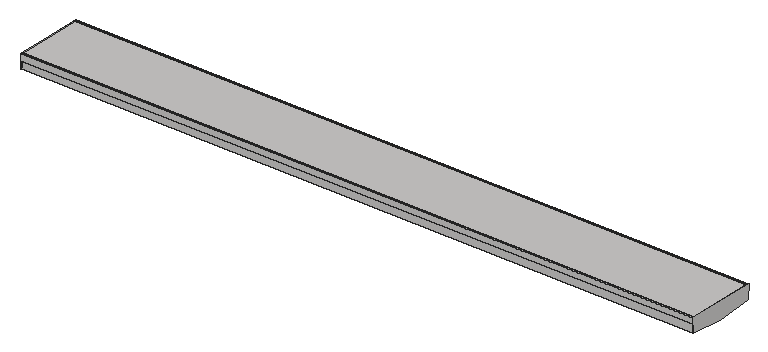
Revit family "PF_ST_BalconyDrain_ACO", category Plumbing Fixtures, Revit 2016
Family settings
  Part Type = Normal
  Round Connector Dimension = Use Diameter
  OmniClass Number = 23.70.50.24
  OmniClass Title = Rainwater Removal
  Work Plane-Based = Yes
  Always vertical = Yes
  Cut with Voids When Loaded = Yes
  Shared = No
  Room Calculation Point = No
Parameters (values of type "BalconyDrain - 103 x 25 mm")
  width_01_C_ANZRS = if(type_index = 1, 85 mm, 103 mm)  # 103 mm
  r1 [instance] = diameter_calculated / 2  # 44.45 mm
  outlet_number [instance] = 2
  min_end_dist [instance] = length_01_C_ANZRS - diameter_calculated  # 911.1 mm
  width_C_ANZRS = if(type_index = 1, 85 mm, 103 mm)  # 103 mm
  type_index = 2
  grating_length [instance] = channel_length - 1.5 mm  # 998.5 mm
  drain_position_calculated_9 [instance] = if(or(outlet_number = 9, outlet_number > 9), (if(or(drain_position_9 < 0 mm, drain_position_9 = 0 mm), (drain_position_calculated_8 + (1.5 * diameter_calculated)), if(and(drain_position_9 > 0 mm, drain_position_9 < (drain_position_calculated_8 + (1.5 * diameter_calculated)) + 0.1 mm), (drain_position_calculated_8 + (1.5 * diameter_calculated)), if(and(drain_position_9 > (drain_position_calculated_8 + (1.5 * diameter_calculated)), drain_position_9 < min_end_dist + 0.1 mm), drain_position_9, if(and(drain_position_9 > (drain_position_calculated_8 + (1.5 * diameter_calculated)), drain_position_9 < length_01_C_ANZRS), min_end_dist, (if(or(drain_position_9 > length_01_C_ANZRS, drain_position_9 = length_01_C_ANZRS), min_end_dist, drain_position_9 - diameter_calculated))))))), length_01_C_ANZRS + 100 mm)  # 1100 mm
  drain_position_calculated_8 [instance] = if(or(outlet_number = 8, outlet_number > 8), (if(or(drain_position_8 < 0 mm, drain_position_8 = 0 mm), (drain_position_calculated_7 + (1.5 * diameter_calculated)), if(and(drain_position_8 > 0 mm, drain_position_8 < (drain_position_calculated_7 + (1.5 * diameter_calculated)) + 0.1 mm), (drain_position_calculated_7 + (1.5 * diameter_calculated)), if(and(drain_position_8 > (drain_position_calculated_7 + (1.5 * diameter_calculated)), drain_position_8 < min_end_dist + 0.1 mm), drain_position_8, if(and(drain_position_8 > (drain_position_calculated_7 + (1.5 * diameter_calculated)), drain_position_8 < length_01_C_ANZRS), min_end_dist, (if(or(drain_position_8 > length_01_C_ANZRS, drain_position_8 = length_01_C_ANZRS), min_end_dist, drain_position_8 - diameter_calculated))))))), length_01_C_ANZRS + 100 mm)  # 1100 mm
  drain_position_calculated_7 [instance] = if(or(outlet_number = 7, outlet_number > 7), (if(or(drain_position_7 < 0 mm, drain_position_7 = 0 mm), (drain_position_calculated_6 + (1.5 * diameter_calculated)), if(and(drain_position_7 > 0 mm, drain_position_7 < (drain_position_calculated_6 + (1.5 * diameter_calculated)) + 0.1 mm), (drain_position_calculated_6 + (1.5 * diameter_calculated)), if(and(drain_position_7 > (drain_position_calculated_6 + (1.5 * diameter_calculated)), drain_position_7 < min_end_dist + 0.1 mm), drain_position_7, if(and(drain_position_7 > (drain_position_calculated_6 + (1.5 * diameter_calculated)), drain_position_7 < length_01_C_ANZRS), min_end_dist, (if(or(drain_position_7 > length_01_C_ANZRS, drain_position_7 = length_01_C_ANZRS), min_end_dist, drain_position_7 - diameter_calculated))))))), length_01_C_ANZRS + 100 mm)  # 1100 mm
  drain_position_calculated_6 [instance] = if(or(outlet_number = 6, outlet_number > 6), (if(or(drain_position_6 < 0 mm, drain_position_6 = 0 mm), (drain_position_calculated_5 + (1.5 * diameter_calculated)), if(and(drain_position_6 > 0 mm, drain_position_6 < (drain_position_calculated_5 + (1.5 * diameter_calculated)) + 0.1 mm), (drain_position_calculated_5 + (1.5 * diameter_calculated)), if(and(drain_position_6 > (drain_position_calculated_5 + (1.5 * diameter_calculated)), drain_position_6 < min_end_dist + 0.1 mm), drain_position_6, if(and(drain_position_6 > (drain_position_calculated_5 + (1.5 * diameter_calculated)), drain_position_6 < length_01_C_ANZRS), min_end_dist, (if(or(drain_position_6 > length_01_C_ANZRS, drain_position_6 = length_01_C_ANZRS), min_end_dist, drain_position_6 - diameter_calculated))))))), length_01_C_ANZRS + 100 mm)  # 1100 mm
  drain_position_calculated_5 [instance] = if(or(outlet_number = 5, outlet_number > 5), (if(or(drain_position_5 < 0 mm, drain_position_5 = 0 mm), (drain_position_calculated_4 + (1.5 * diameter_calculated)), if(and(drain_position_5 > 0 mm, drain_position_5 < (drain_position_calculated_4 + (1.5 * diameter_calculated)) + 0.1 mm), (drain_position_calculated_4 + (1.5 * diameter_calculated)), if(and(drain_position_5 > (drain_position_calculated_4 + (1.5 * diameter_calculated)), drain_position_5 < min_end_dist + 0.1 mm), drain_position_5, if(and(drain_position_5 > (drain_position_calculated_4 + (1.5 * diameter_calculated)), drain_position_5 < length_01_C_ANZRS), min_end_dist, (if(or(drain_position_5 > length_01_C_ANZRS, drain_position_5 = length_01_C_ANZRS), min_end_dist, drain_position_5 - diameter_calculated))))))), length_01_C_ANZRS + 100 mm)  # 1100 mm
  drain_position_calculated_4 [instance] = if(or(outlet_number = 4, outlet_number > 4), (if(or(drain_position_4 < 0 mm, drain_position_4 = 0 mm), (drain_position_calculated_3 + (1.5 * diameter_calculated)), if(and(drain_position_4 > 0 mm, drain_position_4 < (drain_position_calculated_3 + (1.5 * diameter_calculated)) + 0.1 mm), (drain_position_calculated_3 + (1.5 * diameter_calculated)), if(and(drain_position_4 > (drain_position_calculated_3 + (1.5 * diameter_calculated)), drain_position_4 < min_end_dist + 0.1 mm), drain_position_4, if(and(drain_position_4 > (drain_position_calculated_3 + (1.5 * diameter_calculated)), drain_position_4 < length_01_C_ANZRS), min_end_dist, (if(or(drain_position_4 > length_01_C_ANZRS, drain_position_4 = length_01_C_ANZRS), min_end_dist, drain_position_4 - diameter_calculated))))))), length_01_C_ANZRS + 100 mm)  # 1100 mm
  drain_position_calculated_30 [instance] = if(or(outlet_number = 30, outlet_number > 30), (if(or(drain_position_30 < 0 mm, drain_position_30 = 0 mm), (drain_position_calculated_29 + (1.5 * diameter_calculated)), if(and(drain_position_30 > 0 mm, drain_position_30 < (drain_position_calculated_29 + (1.5 * diameter_calculated)) + 0.1 mm), (drain_position_calculated_29 + (1.5 * diameter_calculated)), if(and(drain_position_30 > (drain_position_calculated_29 + (1.5 * diameter_calculated)), drain_position_30 < min_end_dist + 0.1 mm), drain_position_30, if(and(drain_position_30 > (drain_position_calculated_29 + (1.5 * diameter_calculated)), drain_position_30 < length_01_C_ANZRS), min_end_dist, (if(or(drain_position_30 > length_01_C_ANZRS, drain_position_30 = length_01_C_ANZRS), min_end_dist, drain_position_30 - diameter_calculated))))))), length_01_C_ANZRS + 100 mm)  # 1100 mm
  drain_position_calculated_3 [instance] = if(or(outlet_number = 3, outlet_number > 3), (if(or(drain_position_3 < 0 mm, drain_position_3 = 0 mm), (drain_position_calculated_2 + (1.5 * diameter_calculated)), if(and(drain_position_3 > 0 mm, drain_position_3 < (drain_position_calculated_2 + (1.5 * diameter_calculated)) + 0.1 mm), (drain_position_calculated_2 + (1.5 * diameter_calculated)), if(and(drain_position_3 > (drain_position_calculated_2 + (1.5 * diameter_calculated)), drain_position_3 < min_end_dist + 0.1 mm), drain_position_3, if(and(drain_position_3 > (drain_position_calculated_2 + (1.5 * diameter_calculated)), drain_position_3 < length_01_C_ANZRS), min_end_dist, (if(or(drain_position_3 > length_01_C_ANZRS, drain_position_3 = length_01_C_ANZRS), min_end_dist, drain_position_3 - diameter_calculated))))))), length_01_C_ANZRS + 100 mm)  # 1100 mm
  drain_position_calculated_29 [instance] = if(or(outlet_number = 29, outlet_number > 29), (if(or(drain_position_29 < 0 mm, drain_position_29 = 0 mm), (drain_position_calculated_28 + (1.5 * diameter_calculated)), if(and(drain_position_29 > 0 mm, drain_position_29 < (drain_position_calculated_28 + (1.5 * diameter_calculated)) + 0.1 mm), (drain_position_calculated_28 + (1.5 * diameter_calculated)), if(and(drain_position_29 > (drain_position_calculated_28 + (1.5 * diameter_calculated)), drain_position_29 < min_end_dist + 0.1 mm), drain_position_29, if(and(drain_position_29 > (drain_position_calculated_28 + (1.5 * diameter_calculated)), drain_position_29 < length_01_C_ANZRS), min_end_dist, (if(or(drain_position_29 > length_01_C_ANZRS, drain_position_29 = length_01_C_ANZRS), min_end_dist, drain_position_29 - diameter_calculated))))))), length_01_C_ANZRS + 100 mm)  # 1100 mm
  drain_position_calculated_28 [instance] = if(or(outlet_number = 28, outlet_number > 28), (if(or(drain_position_28 < 0 mm, drain_position_28 = 0 mm), (drain_position_calculated_27 + (1.5 * diameter_calculated)), if(and(drain_position_28 > 0 mm, drain_position_28 < (drain_position_calculated_27 + (1.5 * diameter_calculated)) + 0.1 mm), (drain_position_calculated_27 + (1.5 * diameter_calculated)), if(and(drain_position_28 > (drain_position_calculated_27 + (1.5 * diameter_calculated)), drain_position_28 < min_end_dist + 0.1 mm), drain_position_28, if(and(drain_position_28 > (drain_position_calculated_27 + (1.5 * diameter_calculated)), drain_position_28 < length_01_C_ANZRS), min_end_dist, (if(or(drain_position_28 > length_01_C_ANZRS, drain_position_28 = length_01_C_ANZRS), min_end_dist, drain_position_28 - diameter_calculated))))))), length_01_C_ANZRS + 100 mm)  # 1100 mm
  drain_position_calculated_27 [instance] = if(or(outlet_number = 27, outlet_number > 27), (if(or(drain_position_27 < 0 mm, drain_position_27 = 0 mm), (drain_position_calculated_26 + (1.5 * diameter_calculated)), if(and(drain_position_27 > 0 mm, drain_position_27 < (drain_position_calculated_26 + (1.5 * diameter_calculated)) + 0.1 mm), (drain_position_calculated_26 + (1.5 * diameter_calculated)), if(and(drain_position_27 > (drain_position_calculated_26 + (1.5 * diameter_calculated)), drain_position_27 < min_end_dist + 0.1 mm), drain_position_27, if(and(drain_position_27 > (drain_position_calculated_26 + (1.5 * diameter_calculated)), drain_position_27 < length_01_C_ANZRS), min_end_dist, (if(or(drain_position_27 > length_01_C_ANZRS, drain_position_27 = length_01_C_ANZRS), min_end_dist, drain_position_27 - diameter_calculated))))))), length_01_C_ANZRS + 100 mm)  # 1100 mm
  drain_position_calculated_26 [instance] = if(or(outlet_number = 26, outlet_number > 26), (if(or(drain_position_26 < 0 mm, drain_position_26 = 0 mm), (drain_position_calculated_25 + (1.5 * diameter_calculated)), if(and(drain_position_26 > 0 mm, drain_position_26 < (drain_position_calculated_25 + (1.5 * diameter_calculated)) + 0.1 mm), (drain_position_calculated_25 + (1.5 * diameter_calculated)), if(and(drain_position_26 > (drain_position_calculated_25 + (1.5 * diameter_calculated)), drain_position_26 < min_end_dist + 0.1 mm), drain_position_26, if(and(drain_position_26 > (drain_position_calculated_25 + (1.5 * diameter_calculated)), drain_position_26 < length_01_C_ANZRS), min_end_dist, (if(or(drain_position_26 > length_01_C_ANZRS, drain_position_26 = length_01_C_ANZRS), min_end_dist, drain_position_26 - diameter_calculated))))))), length_01_C_ANZRS + 100 mm)  # 1100 mm
  drain_position_calculated_25 [instance] = if(or(outlet_number = 25, outlet_number > 25), (if(or(drain_position_25 < 0 mm, drain_position_25 = 0 mm), (drain_position_calculated_24 + (1.5 * diameter_calculated)), if(and(drain_position_25 > 0 mm, drain_position_25 < (drain_position_calculated_24 + (1.5 * diameter_calculated)) + 0.1 mm), (drain_position_calculated_24 + (1.5 * diameter_calculated)), if(and(drain_position_25 > (drain_position_calculated_24 + (1.5 * diameter_calculated)), drain_position_25 < min_end_dist + 0.1 mm), drain_position_25, if(and(drain_position_25 > (drain_position_calculated_24 + (1.5 * diameter_calculated)), drain_position_25 < length_01_C_ANZRS), min_end_dist, (if(or(drain_position_25 > length_01_C_ANZRS, drain_position_25 = length_01_C_ANZRS), min_end_dist, drain_position_25 - diameter_calculated))))))), length_01_C_ANZRS + 100 mm)  # 1100 mm
  drain_position_calculated_24 [instance] = if(or(outlet_number = 24, outlet_number > 24), (if(or(drain_position_24 < 0 mm, drain_position_24 = 0 mm), (drain_position_calculated_23 + (1.5 * diameter_calculated)), if(and(drain_position_24 > 0 mm, drain_position_24 < (drain_position_calculated_23 + (1.5 * diameter_calculated)) + 0.1 mm), (drain_position_calculated_23 + (1.5 * diameter_calculated)), if(and(drain_position_24 > (drain_position_calculated_23 + (1.5 * diameter_calculated)), drain_position_24 < min_end_dist + 0.1 mm), drain_position_24, if(and(drain_position_24 > (drain_position_calculated_23 + (1.5 * diameter_calculated)), drain_position_24 < length_01_C_ANZRS), min_end_dist, (if(or(drain_position_24 > length_01_C_ANZRS, drain_position_24 = length_01_C_ANZRS), min_end_dist, drain_position_24 - diameter_calculated))))))), length_01_C_ANZRS + 100 mm)  # 1100 mm
  drain_position_calculated_23 [instance] = if(or(outlet_number = 23, outlet_number > 23), (if(or(drain_position_23 < 0 mm, drain_position_23 = 0 mm), (drain_position_calculated_22 + (1.5 * diameter_calculated)), if(and(drain_position_23 > 0 mm, drain_position_23 < (drain_position_calculated_22 + (1.5 * diameter_calculated)) + 0.1 mm), (drain_position_calculated_22 + (1.5 * diameter_calculated)), if(and(drain_position_23 > (drain_position_calculated_22 + (1.5 * diameter_calculated)), drain_position_23 < min_end_dist + 0.1 mm), drain_position_23, if(and(drain_position_23 > (drain_position_calculated_22 + (1.5 * diameter_calculated)), drain_position_23 < length_01_C_ANZRS), min_end_dist, (if(or(drain_position_23 > length_01_C_ANZRS, drain_position_23 = length_01_C_ANZRS), min_end_dist, drain_position_23 - diameter_calculated))))))), length_01_C_ANZRS + 100 mm)  # 1100 mm
  drain_position_calculated_22 [instance] = if(or(outlet_number = 22, outlet_number > 22), (if(or(drain_position_22 < 0 mm, drain_position_22 = 0 mm), (drain_position_calculated_21 + (1.5 * diameter_calculated)), if(and(drain_position_22 > 0 mm, drain_position_22 < (drain_position_calculated_21 + (1.5 * diameter_calculated)) + 0.1 mm), (drain_position_calculated_21 + (1.5 * diameter_calculated)), if(and(drain_position_22 > (drain_position_calculated_21 + (1.5 * diameter_calculated)), drain_position_22 < min_end_dist + 0.1 mm), drain_position_22, if(and(drain_position_22 > (drain_position_calculated_21 + (1.5 * diameter_calculated)), drain_position_22 < length_01_C_ANZRS), min_end_dist, (if(or(drain_position_22 > length_01_C_ANZRS, drain_position_22 = length_01_C_ANZRS), min_end_dist, drain_position_22 - diameter_calculated))))))), length_01_C_ANZRS + 100 mm)  # 1100 mm
  drain_position_calculated_21 [instance] = if(or(outlet_number = 21, outlet_number > 21), (if(or(drain_position_21 < 0 mm, drain_position_21 = 0 mm), (drain_position_calculated_20 + (1.5 * diameter_calculated)), if(and(drain_position_21 > 0 mm, drain_position_21 < (drain_position_calculated_20 + (1.5 * diameter_calculated)) + 0.1 mm), (drain_position_calculated_20 + (1.5 * diameter_calculated)), if(and(drain_position_21 > (drain_position_calculated_20 + (1.5 * diameter_calculated)), drain_position_21 < min_end_dist + 0.1 mm), drain_position_21, if(and(drain_position_21 > (drain_position_calculated_20 + (1.5 * diameter_calculated)), drain_position_21 < length_01_C_ANZRS), min_end_dist, (if(or(drain_position_21 > length_01_C_ANZRS, drain_position_21 = length_01_C_ANZRS), min_end_dist, drain_position_21 - diameter_calculated))))))), length_01_C_ANZRS + 100 mm)  # 1100 mm
  drain_position_calculated_20 [instance] = if(or(outlet_number = 20, outlet_number > 20), (if(or(drain_position_20 < 0 mm, drain_position_20 = 0 mm), (drain_position_calculated_19 + (1.5 * diameter_calculated)), if(and(drain_position_20 > 0 mm, drain_position_20 < (drain_position_calculated_19 + (1.5 * diameter_calculated)) + 0.1 mm), (drain_position_calculated_19 + (1.5 * diameter_calculated)), if(and(drain_position_20 > (drain_position_calculated_19 + (1.5 * diameter_calculated)), drain_position_20 < min_end_dist + 0.1 mm), drain_position_20, if(and(drain_position_20 > (drain_position_calculated_19 + (1.5 * diameter_calculated)), drain_position_20 < length_01_C_ANZRS), min_end_dist, (if(or(drain_position_20 > length_01_C_ANZRS, drain_position_20 = length_01_C_ANZRS), min_end_dist, drain_position_20 - diameter_calculated))))))), length_01_C_ANZRS + 100 mm)  # 1100 mm
  drain_position_calculated_2 [instance] = if(or(outlet_number = 2, outlet_number > 2), (if(or(drain_position_2 < 0 mm, drain_position_2 = 0 mm), (drain_position_calculated_1 + (1.5 * diameter_calculated)), if(and(drain_position_2 > 0 mm, drain_position_2 < (drain_position_calculated_1 + (1.5 * diameter_calculated)) + 0.1 mm), (drain_position_calculated_1 + (1.5 * diameter_calculated)), if(and(drain_position_2 > (drain_position_calculated_1 + (1.5 * diameter_calculated)), drain_position_2 < min_end_dist + 0.1 mm), drain_position_2, if(and(drain_position_2 > (drain_position_calculated_1 + (1.5 * diameter_calculated)), drain_position_2 < length_01_C_ANZRS), min_end_dist, (if(or(drain_position_2 > length_01_C_ANZRS, drain_position_2 = length_01_C_ANZRS), min_end_dist, drain_position_2 - diameter_calculated))))))), length_01_C_ANZRS + 100 mm)  # 900 mm
  drain_position_calculated_19 [instance] = if(or(outlet_number = 19, outlet_number > 19), (if(or(drain_position_19 < 0 mm, drain_position_19 = 0 mm), (drain_position_calculated_18 + (1.5 * diameter_calculated)), if(and(drain_position_19 > 0 mm, drain_position_19 < (drain_position_calculated_18 + (1.5 * diameter_calculated)) + 0.1 mm), (drain_position_calculated_18 + (1.5 * diameter_calculated)), if(and(drain_position_19 > (drain_position_calculated_18 + (1.5 * diameter_calculated)), drain_position_19 < min_end_dist + 0.1 mm), drain_position_19, if(and(drain_position_19 > (drain_position_calculated_18 + (1.5 * diameter_calculated)), drain_position_19 < length_01_C_ANZRS), min_end_dist, (if(or(drain_position_19 > length_01_C_ANZRS, drain_position_19 = length_01_C_ANZRS), min_end_dist, drain_position_19 - diameter_calculated))))))), length_01_C_ANZRS + 100 mm)  # 1100 mm
  drain_position_calculated_18 [instance] = if(or(outlet_number = 18, outlet_number > 18), (if(or(drain_position_18 < 0 mm, drain_position_18 = 0 mm), (drain_position_calculated_17 + (1.5 * diameter_calculated)), if(and(drain_position_18 > 0 mm, drain_position_18 < (drain_position_calculated_17 + (1.5 * diameter_calculated)) + 0.1 mm), (drain_position_calculated_17 + (1.5 * diameter_calculated)), if(and(drain_position_18 > (drain_position_calculated_17 + (1.5 * diameter_calculated)), drain_position_18 < min_end_dist + 0.1 mm), drain_position_18, if(and(drain_position_18 > (drain_position_calculated_17 + (1.5 * diameter_calculated)), drain_position_18 < length_01_C_ANZRS), min_end_dist, (if(or(drain_position_18 > length_01_C_ANZRS, drain_position_18 = length_01_C_ANZRS), min_end_dist, drain_position_18 - diameter_calculated))))))), length_01_C_ANZRS + 100 mm)  # 1100 mm
  drain_position_calculated_17 [instance] = if(or(outlet_number = 17, outlet_number > 17), (if(or(drain_position_17 < 0 mm, drain_position_17 = 0 mm), (drain_position_calculated_16 + (1.5 * diameter_calculated)), if(and(drain_position_17 > 0 mm, drain_position_17 < (drain_position_calculated_16 + (1.5 * diameter_calculated)) + 0.1 mm), (drain_position_calculated_16 + (1.5 * diameter_calculated)), if(and(drain_position_17 > (drain_position_calculated_16 + (1.5 * diameter_calculated)), drain_position_17 < min_end_dist + 0.1 mm), drain_position_17, if(and(drain_position_17 > (drain_position_calculated_16 + (1.5 * diameter_calculated)), drain_position_17 < length_01_C_ANZRS), min_end_dist, (if(or(drain_position_17 > length_01_C_ANZRS, drain_position_17 = length_01_C_ANZRS), min_end_dist, drain_position_17 - diameter_calculated))))))), length_01_C_ANZRS + 100 mm)  # 1100 mm
  drain_position_calculated_16 [instance] = if(or(outlet_number = 16, outlet_number > 16), (if(or(drain_position_16 < 0 mm, drain_position_16 = 0 mm), (drain_position_calculated_15 + (1.5 * diameter_calculated)), if(and(drain_position_16 > 0 mm, drain_position_16 < (drain_position_calculated_15 + (1.5 * diameter_calculated)) + 0.1 mm), (drain_position_calculated_15 + (1.5 * diameter_calculated)), if(and(drain_position_16 > (drain_position_calculated_15 + (1.5 * diameter_calculated)), drain_position_16 < min_end_dist + 0.1 mm), drain_position_16, if(and(drain_position_16 > (drain_position_calculated_15 + (1.5 * diameter_calculated)), drain_position_16 < length_01_C_ANZRS), min_end_dist, (if(or(drain_position_16 > length_01_C_ANZRS, drain_position_16 = length_01_C_ANZRS), min_end_dist, drain_position_16 - diameter_calculated))))))), length_01_C_ANZRS + 100 mm)  # 1100 mm
  drain_position_calculated_15 [instance] = if(or(outlet_number = 15, outlet_number > 15), (if(or(drain_position_15 < 0 mm, drain_position_15 = 0 mm), (drain_position_calculated_14 + (1.5 * diameter_calculated)), if(and(drain_position_15 > 0 mm, drain_position_15 < (drain_position_calculated_14 + (1.5 * diameter_calculated)) + 0.1 mm), (drain_position_calculated_14 + (1.5 * diameter_calculated)), if(and(drain_position_15 > (drain_position_calculated_14 + (1.5 * diameter_calculated)), drain_position_15 < min_end_dist + 0.1 mm), drain_position_15, if(and(drain_position_15 > (drain_position_calculated_14 + (1.5 * diameter_calculated)), drain_position_15 < length_01_C_ANZRS), min_end_dist, (if(or(drain_position_15 > length_01_C_ANZRS, drain_position_15 = length_01_C_ANZRS), min_end_dist, drain_position_15 - diameter_calculated))))))), length_01_C_ANZRS + 100 mm)  # 1100 mm
  drain_position_calculated_14 [instance] = if(or(outlet_number = 14, outlet_number > 14), (if(or(drain_position_14 < 0 mm, drain_position_14 = 0 mm), (drain_position_calculated_13 + (1.5 * diameter_calculated)), if(and(drain_position_14 > 0 mm, drain_position_14 < (drain_position_calculated_13 + (1.5 * diameter_calculated)) + 0.1 mm), (drain_position_calculated_13 + (1.5 * diameter_calculated)), if(and(drain_position_14 > (drain_position_calculated_13 + (1.5 * diameter_calculated)), drain_position_14 < min_end_dist + 0.1 mm), drain_position_14, if(and(drain_position_14 > (drain_position_calculated_13 + (1.5 * diameter_calculated)), drain_position_14 < length_01_C_ANZRS), min_end_dist, (if(or(drain_position_14 > length_01_C_ANZRS, drain_position_14 = length_01_C_ANZRS), min_end_dist, drain_position_14 - diameter_calculated))))))), length_01_C_ANZRS + 100 mm)  # 1100 mm
  drain_position_calculated_13 [instance] = if(or(outlet_number = 13, outlet_number > 13), (if(or(drain_position_13 < 0 mm, drain_position_13 = 0 mm), (drain_position_calculated_12 + (1.5 * diameter_calculated)), if(and(drain_position_13 > 0 mm, drain_position_13 < (drain_position_calculated_12 + (1.5 * diameter_calculated)) + 0.1 mm), (drain_position_calculated_12 + (1.5 * diameter_calculated)), if(and(drain_position_13 > (drain_position_calculated_12 + (1.5 * diameter_calculated)), drain_position_13 < min_end_dist + 0.1 mm), drain_position_13, if(and(drain_position_13 > (drain_position_calculated_12 + (1.5 * diameter_calculated)), drain_position_13 < length_01_C_ANZRS), min_end_dist, (if(or(drain_position_13 > length_01_C_ANZRS, drain_position_13 = length_01_C_ANZRS), min_end_dist, drain_position_13 - diameter_calculated))))))), length_01_C_ANZRS + 100 mm)  # 1100 mm
  drain_position_calculated_12 [instance] = if(or(outlet_number = 12, outlet_number > 12), (if(or(drain_position_12 < 0 mm, drain_position_12 = 0 mm), (drain_position_calculated_11 + (1.5 * diameter_calculated)), if(and(drain_position_12 > 0 mm, drain_position_12 < (drain_position_calculated_11 + (1.5 * diameter_calculated)) + 0.1 mm), (drain_position_calculated_11 + (1.5 * diameter_calculated)), if(and(drain_position_12 > (drain_position_calculated_11 + (1.5 * diameter_calculated)), drain_position_12 < min_end_dist + 0.1 mm), drain_position_12, if(and(drain_position_12 > (drain_position_calculated_11 + (1.5 * diameter_calculated)), drain_position_12 < length_01_C_ANZRS), min_end_dist, (if(or(drain_position_12 > length_01_C_ANZRS, drain_position_12 = length_01_C_ANZRS), min_end_dist, drain_position_12 - diameter_calculated))))))), length_01_C_ANZRS + 100 mm)  # 1100 mm
  drain_position_calculated_11 [instance] = if(or(outlet_number = 11, outlet_number > 11), (if(or(drain_position_11 < 0 mm, drain_position_11 = 0 mm), (drain_position_calculated_10 + (1.5 * diameter_calculated)), if(and(drain_position_11 > 0 mm, drain_position_11 < (drain_position_calculated_10 + (1.5 * diameter_calculated)) + 0.1 mm), (drain_position_calculated_10 + (1.5 * diameter_calculated)), if(and(drain_position_11 > (drain_position_calculated_10 + (1.5 * diameter_calculated)), drain_position_11 < min_end_dist + 0.1 mm), drain_position_11, if(and(drain_position_11 > (drain_position_calculated_10 + (1.5 * diameter_calculated)), drain_position_11 < length_01_C_ANZRS), min_end_dist, (if(or(drain_position_11 > length_01_C_ANZRS, drain_position_11 = length_01_C_ANZRS), min_end_dist, drain_position_11 - diameter_calculated))))))), length_01_C_ANZRS + 100 mm)  # 1100 mm
  drain_position_calculated_10 [instance] = if(or(outlet_number = 10, outlet_number > 10), (if(or(drain_position_10 < 0 mm, drain_position_10 = 0 mm), (drain_position_calculated_9 + (1.5 * diameter_calculated)), if(and(drain_position_10 > 0 mm, drain_position_10 < (drain_position_calculated_9 + (1.5 * diameter_calculated)) + 0.1 mm), (drain_position_calculated_9 + (1.5 * diameter_calculated)), if(and(drain_position_10 > (drain_position_calculated_9 + (1.5 * diameter_calculated)), drain_position_10 < min_end_dist + 0.1 mm), drain_position_10, if(and(drain_position_10 > (drain_position_calculated_9 + (1.5 * diameter_calculated)), drain_position_10 < length_01_C_ANZRS), min_end_dist, (if(or(drain_position_10 > length_01_C_ANZRS, drain_position_10 = length_01_C_ANZRS), min_end_dist, drain_position_10 - diameter_calculated))))))), length_01_C_ANZRS + 100 mm)  # 1100 mm
  drain_position_9 [instance] = 1400 mm
  drain_position_8 [instance] = 1200 mm
  drain_position_7 [instance] = 1000 mm
  drain_position_6 [instance] = 800 mm
  drain_position_5 [instance] = 600 mm
  drain_position_4 [instance] = 400 mm
  drain_position_30 [instance] = 5600 mm
  drain_position_3 [instance] = 1000 mm
  drain_position_29 [instance] = 5400 mm
  drain_position_28 [instance] = 5200 mm
  drain_position_27 [instance] = 5000 mm
  drain_position_26 [instance] = 4800 mm
  drain_position_25 [instance] = 4600 mm
  drain_position_24 [instance] = 4400 mm
  drain_position_23 [instance] = 4200 mm
  drain_position_22 [instance] = 4000 mm
  drain_position_21 [instance] = 3800 mm
  drain_position_20 [instance] = 3600 mm
  drain_position_2 [instance] = 900 mm
  drain_position_19 [instance] = 3400 mm
  drain_position_18 [instance] = 3200 mm
  drain_position_17 [instance] = 3000 mm
  drain_position_16 [instance] = 2800 mm
  drain_position_15 [instance] = 2600 mm
  drain_position_14 [instance] = 2400 mm
  drain_position_13 [instance] = 2200 mm
  drain_position_12 [instance] = 2000 mm
  drain_position_11 [instance] = 1800 mm
  drain_position_10 [instance] = 1600 mm
  description_C_ANZRS [instance] = if(product_index = 1, "ACO BalconyDrain-85mm wide, 25mm deep channel with Affiner grate (nominal)", if(product_index = 2, "ACO BalconyDrain-85mm wide, 25mm deep channel with Linéaire grate (nominal)", if(product_index = 3, "ACO BalconyDrain-85mm wide, 25mm deep channel with Tile grate (nominal)", if(product_index = 4, "ACO BalconyDrain-103mm wide, 25mm deep channel with Affiner grate (nominal)", if(product_index = 5, "ACO BalconyDrain-103mm wide, 25mm deep channel with Linéaire grate (nominal)", if(product_index = 6, "ACO BalconyDrain-103mm wide, 25mm deep channel with Tile grate (nominal)", if(product_index = 7, "ACO BalconyDrain-103mm wide, 40mm deep channel with Affiner grate (nominal)", if(product_index = 8, "ACO BalconyDrain-103mm wide, 40mm deep channel with Linéaire grate (nominal)", if(product_index = 9, "ACO BalconyDrain-103mm wide, 40mm deep channel with Tile grate (nominal)", if(product_index = 10, "ACO BalconyDrain-103mm wide, 40mm deep channel with 5 star grate (nominal)", "Not available"))))))))))  # "ACO BalconyDrain-103mm wide, 25mm deep channel with Linéaire grate (nominal)"
  d6 [instance] = 101.6 mm  # constant formula
  d5 [instance] = 88.9 mm  # constant formula
  d4 [instance] = 76.2 mm  # constant formula
  d3 [instance] = 63.5 mm  # constant formula
  content_date_changed_C_ANZRS = ""
  content_creator_C_ANZRS = "ACO Technology Centre, INDIA"  # constant formula
  WARNING! [instance] = "Position of the maximum number of outlet should not exceed the length of the channel"  # constant formula
  NOTE [instance] = "Position of the additional outlet is always towards the right side of the previous outlet"  # constant formula
  Product_page_URL = "www.acobuildline.com.au/products/balconydrain/"
  product_index [instance] = size_lookup(lookup_table_name, "pi", 0, type_index, grating_index)  # 5
  product_assortment_C_ANZRS [instance] = "BalconyDrain"  # constant formula
  outlet_dia [instance] = 101 mm
  material_C_ANZRS [instance] = Steel, Stainless
  lookup_table_name = "BalconyDrain"  # constant formula
  length_01_C_ANZRS [instance] = channel_length  # 1000 mm
  gratings [instance] = gratings_BalconyDrain : Linéaire_grating
  grate_width_tile = if(type_index = 1, 69 mm, 87 mm)  # 87 mm
  grate_width = width_C_ANZRS - 6 mm  # 97 mm
  gm_type4 [instance] = gratings_BalconyDrain : 5 Star_grating
  gm_type3 [instance] = gratings_BalconyDrain : Tile_grating
  gm_type2 [instance] = gratings_BalconyDrain : Linéaire_grating
  grating_index [instance] = if(gratings = gm_type1, 1, if(gratings = gm_type2, 2, if(gratings = gm_type3, 3, if(gratings = gm_type4, 4, 0))))  # 2
  gm_type1 = gratings_BalconyDrain : Affiner_grating
  e-mail sales = "sales@acoaus.com.au"
  e-mail Technical = "sales@acoaus.com.au"
  drain_position_calculated_1 [instance] = (if(or(drain_position_1 < 0 mm, drain_position_1 = 0 mm), diameter_calculated, if(and(drain_position_1 > 0 mm, drain_position_1 < diameter_calculated + 0.1 mm), diameter_calculated, if(and(drain_position_1 > diameter_calculated, drain_position_1 < min_end_dist + 0.1 mm), drain_position_1, if(and(drain_position_1 > diameter_calculated, drain_position_1 < length_01_C_ANZRS), min_end_dist, (if(or(drain_position_1 > length_01_C_ANZRS, drain_position_1 = length_01_C_ANZRS), min_end_dist, drain_position_1 - diameter_calculated)))))))  # 100 mm
  d1 [instance] = 38.1 mm  # constant formula
  d2 [instance] = 50.8 mm  # constant formula
  diameter_calculated [instance] = if(type_index = 1, D1_calculated, D2_calculated)  # 88.9 mm
  drain_position_1 [instance] = 100 mm
  connector_position_Z = if(type_index = 3, 40 mm, 25 mm)  # 25 mm
  code_article_C_ANZRS [instance] = size_lookup(lookup_table_name, "", "Not available", type_index, grating_index)  # "S103-25-L"
  channel_length [instance] = 1000 mm
  URL = "www.acobuildline.com.au"
  Telephone = " +61 2 4747 4000"  # constant formula
  Product_brochure = "www.acobuildline.com.au/product-support/downloads"
  Model = "BalconyDrain"  # constant formula
  Manufacturer = "ACO Pty Ltd"  # constant formula
  Maintenance guidelines = "www.acobuildline.com.au/product-support/downloads"
  Installation guidelines = "www.acobuildline.com.au/product-support/downloads"
  IfcExportType = "USERDEFINED"  # constant formula
  IfcExportAs = "IfcWasteTerminalType"  # constant formula
  IfcDescription = Description  # "Shallow drainage"
  Fax = " +61 2 4747 4040"  # constant formula
  Description = "Shallow drainage"  # constant formula
  visible_2 = type_index = 3  # no
  visible_1 = not(type_index = 3)  # yes
  Default Elevation = 1219.2 mm
  D2_calculated [instance] = if(or(outlet_dia < d1, outlet_dia = d1), d1, if(and(outlet_dia > d1, outlet_dia < 50.9 mm), d2, if(and(outlet_dia > d2, outlet_dia < 63.6 mm), d3, if(and(outlet_dia > d3, outlet_dia < 76.3 mm), d4, if(and(outlet_dia > d4, outlet_dia < 89 mm), d5, if(or(outlet_dia = d5, outlet_dia > d5), d5, d5))))))  # 88.9 mm
  D1_calculated [instance] = if(or(outlet_dia < d1, outlet_dia = d1), d1, if(and(outlet_dia > d1, outlet_dia < 50.9 mm), d2, if(and(outlet_dia > d2, outlet_dia < 63.6 mm), d3, if(and(outlet_dia > d3, outlet_dia < 76.3 mm), d4, if(or(outlet_dia = d4, outlet_dia > d4), d4, d4)))))  # 76.2 mm
  Assembly Code = "D2040300"
  Address = "134-140 Old Bathurst Road, Emu Plains, NSW 2750, Australia"  # constant formula
Reference planes
  plane 1 "Center (Front/Back)": y = 0
  plane 2: z = 0.046
  plane 3 "Center (Left/Right)": x = 0
  plane 4: x = 1000
  plane 5: x = 1000
  plane 6: z = -24.954
  plane 7: y = -51.5
  plane 8: y = 51.5
Forms (mm)
  Extrusion 1, void
    sketch origin (0, 0, -142.254) x (-1, 0, 0) y (0, -1, 0)
      loop
        line (0, -51.5) -> (0, 51.5) -> (-1000, 51.5) -> (-1000, -51.5) -> (0, -51.5)
    from 117.3 to 142.3
Lines and regions (mm)
  reference lines
    curve 1: line (100, 0, 0.046) -> (100, 0, -24.954)
    curve 2: line (900, 0, 0.046) -> (900, 0, -24.954)
    curve 3: line (1100, 0, 0.046) -> (1100, 0, -24.954)
    curve 4: line (1100, 0, 0.046) -> (1100, 0, -24.954)
    curve 5: line (1100, 0, 0.046) -> (1100, 0, -24.954)
    curve 6: line (1100, 0, 0.046) -> (1100, 0, -24.954)
    curve 7: line (1100, 0, 0.046) -> (1100, 0, -24.954)
    curve 8: line (1100, 0, 0.046) -> (1100, 0, -24.954)
    curve 9: line (1100, 0, 0.046) -> (1100, 0, -24.954)
    curve 10: line (1100, 0, 0.046) -> (1100, 0, -24.954)
    curve 11: line (1100, 0, 0.046) -> (1100, 0, -24.954)
    curve 12: line (1100, 0, 0.046) -> (1100, 0, -24.954)
    curve 13: line (1100, 0, 0.046) -> (1100, 0, -24.954)
    curve 14: line (1100, 0, 0.046) -> (1100, 0, -24.954)
    curve 15: line (1100, 0, 0.046) -> (1100, 0, -24.954)
    curve 16: line (1100, 0, 0.046) -> (1100, 0, -24.954)
    curve 17: line (1100, 0, 0.046) -> (1100, 0, -24.954)
    curve 18: line (1100, 0, 0.046) -> (1100, 0, -24.954)
    curve 19: line (1100, 0, 0.046) -> (1100, 0, -24.954)
    curve 20: line (1100, 0, 0.046) -> (1100, 0, -24.954)
    curve 21: line (1100, 0, 0.046) -> (1100, 0, -24.954)
    curve 22: line (1100, 0, 0.046) -> (1100, 0, -24.954)
    curve 23: line (1100, 0, 0.046) -> (1100, 0, -24.954)
    curve 24: line (1100, 0, 0.046) -> (1100, 0, -24.954)
    curve 25: line (1100, 0, 0.046) -> (1100, 0, -24.954)
    curve 26: line (1100, 0, 0.046) -> (1100, 0, -24.954)
    curve 27: line (1100, 0, 0.046) -> (1100, 0, -24.954)
    curve 28: line (1100, 0, 0.046) -> (1100, 0, -24.954)
    curve 29: line (1100, 0, 0.046) -> (1100, 0, -24.954)
    curve 30: line (1100, 0, 0.046) -> (1100, 0, -24.954)
Dimensions and locks
  "drain_position_calculated_1": curve 1 to plane 3 "Center (Left/Right)"
  "length_01_C_ANZRS": plane 3 "Center (Left/Right)" to plane 4
  "channel_length": plane 3 "Center (Left/Right)" to plane 5
  "connector_position_Z": level to curve 1
  "connector_position_Z": curve 2 to curve 2
  "connector_position_Z": curve 8 to curve 8
  "connector_position_Z": curve 9 to curve 9
  "connector_position_Z": curve 10 to curve 10
  "connector_position_Z": curve 3 to curve 3
  "connector_position_Z": curve 4 to curve 4
  "connector_position_Z": curve 5 to curve 5
  "connector_position_Z": curve 6 to curve 6
  "connector_position_Z": curve 7 to curve 7
  "drain_position_calculated_2": curve 2 to plane 3 "Center (Left/Right)"
  "drain_position_calculated_3": curve 8 to plane 3 "Center (Left/Right)"
  "drain_position_calculated_4": curve 9 to plane 3 "Center (Left/Right)"
  "drain_position_calculated_5": curve 10 to plane 3 "Center (Left/Right)"
  "drain_position_calculated_6": curve 7 to plane 3 "Center (Left/Right)"
  "drain_position_calculated_7": curve 3 to plane 3 "Center (Left/Right)"
  "drain_position_calculated_8": curve 4 to plane 3 "Center (Left/Right)"
  "drain_position_calculated_9": curve 5 to plane 3 "Center (Left/Right)"
  "drain_position_calculated_10": curve 6 to plane 3 "Center (Left/Right)"
  "connector_position_Z": curve 11 to curve 11
  "connector_position_Z": curve 12 to curve 12
  "connector_position_Z": curve 13 to curve 13
  "connector_position_Z": curve 14 to curve 14
  "connector_position_Z": curve 15 to curve 15
  "connector_position_Z": curve 16 to curve 16
  "connector_position_Z": curve 17 to curve 17
  "connector_position_Z": curve 18 to curve 18
  "connector_position_Z": curve 19 to curve 19
  "connector_position_Z": curve 20 to curve 20
  "drain_position_calculated_11": curve 11 to plane 3 "Center (Left/Right)"
  "drain_position_calculated_12": curve 12 to plane 3 "Center (Left/Right)"
  "drain_position_calculated_13": curve 13 to plane 3 "Center (Left/Right)"
  "drain_position_calculated_14": curve 14 to plane 3 "Center (Left/Right)"
  "drain_position_calculated_15": curve 15 to plane 3 "Center (Left/Right)"
  "drain_position_calculated_16": curve 16 to plane 3 "Center (Left/Right)"
  "drain_position_calculated_17": curve 17 to plane 3 "Center (Left/Right)"
  "drain_position_calculated_18": curve 18 to plane 3 "Center (Left/Right)"
  "drain_position_calculated_19": curve 19 to plane 3 "Center (Left/Right)"
  "drain_position_calculated_20": curve 20 to plane 3 "Center (Left/Right)"
  "connector_position_Z": curve 21 to curve 21
  "connector_position_Z": curve 22 to curve 22
  "connector_position_Z": curve 23 to curve 23
  "connector_position_Z": curve 24 to curve 24
  "connector_position_Z": curve 25 to curve 25
  "connector_position_Z": curve 26 to curve 26
  "connector_position_Z": curve 27 to curve 27
  "connector_position_Z": curve 28 to curve 28
  "connector_position_Z": curve 29 to curve 29
  "connector_position_Z": curve 30 to curve 30
  "drain_position_calculated_21": curve 21 to plane 3 "Center (Left/Right)"
  "drain_position_calculated_22": curve 22 to plane 3 "Center (Left/Right)"
  "drain_position_calculated_23": curve 23 to plane 3 "Center (Left/Right)"
  "drain_position_calculated_26": curve 24 to plane 3 "Center (Left/Right)"
  "drain_position_calculated_24": curve 25 to plane 3 "Center (Left/Right)"
  "drain_position_calculated_25": curve 26 to plane 3 "Center (Left/Right)"
  "drain_position_calculated_27": curve 27 to plane 3 "Center (Left/Right)"
  "drain_position_calculated_28": curve 28 to plane 3 "Center (Left/Right)"
  "drain_position_calculated_29": curve 29 to plane 3 "Center (Left/Right)"
  "drain_position_calculated_30": curve 30 to plane 3 "Center (Left/Right)"
  "connector_position_Z": level to plane 6
  equal spacing: plane 8, plane 1 "Center (Front/Back)", plane 7
  "width_01_C_ANZRS": plane 8 to plane 7
  aligned and locked: level to plane 2
  aligned and locked: plane 2 to curve 1
  aligned and locked: level to nested 3
  aligned and locked: level to nested 2
  aligned and locked: plane 3 "Center (Left/Right)" to Extrusion 1 sketch curve
  aligned and locked: Extrusion 1 sketch curve to plane 4
  aligned and locked: level to Extrusion 1
  aligned and locked: Extrusion 1 to curve 1
  aligned and locked: plane 8 to Extrusion 1
  aligned and locked: Extrusion 1 to plane 7
Automatic sketch dimensions
  Extrusion 1 sketch curve to plane 1 "Center (Front/Back)" = 51.5 mm
  plane 1 "Center (Front/Back)" to Extrusion 1 sketch curve = 51.5 mm
  curve 30 to plane 6 = 0 mm
  curve 28 to plane 6 = 0 mm
  curve 2 to plane 6 = 0 mm
  curve 27 to plane 6 = 0 mm
  curve 3 to plane 6 = 0 mm
  curve 26 to plane 6 = 0 mm
  curve 4 to plane 6 = 0 mm
  curve 25 to plane 6 = 0 mm
  curve 5 to plane 6 = 0 mm
  curve 24 to plane 6 = 0 mm
  curve 6 to plane 6 = 0 mm
  curve 23 to plane 6 = 0 mm
  curve 7 to plane 6 = 0 mm
  curve 22 to plane 6 = 0 mm
  curve 8 to plane 6 = 0 mm
  curve 21 to plane 6 = 0 mm
  curve 9 to plane 6 = 0 mm
  curve 20 to plane 6 = 0 mm
  curve 10 to plane 6 = 0 mm
  curve 19 to plane 6 = 0 mm
  curve 11 to plane 6 = 0 mm
  curve 18 to plane 6 = 0 mm
  curve 12 to plane 6 = 0 mm
  curve 17 to plane 6 = 0 mm
  curve 13 to plane 6 = 0 mm
  curve 16 to plane 6 = 0 mm
  curve 14 to plane 6 = 0 mm
  curve 15 to plane 6 = 0 mm
  curve 29 to plane 6 = 0 mm
Nested families
  nested 1: "gratings_BalconyDrain" at (0.781, 0, 0.046), length_C_ANZRS <- "grating_length", type <- "gratings", width_02_C_ANZRS <- "grate_width_tile", width_01_C_ANZRS <- "grate_width", grating_index <- "grating_index", type_index <- "type_index", solids_visible_1 <- "visible_1", solids_visible_2 <- "visible_2", type "Linéaire_grating"
    with width_02_C_ANZRS 87 mm, width_01_C_ANZRS 97 mm, type_index 2, solids_visible_2 no, solids_visible_1 yes, length_C_ANZRS 998.5 mm, grating_index 2
  nested 2: "ZZZ_do not use_PF_ST_BalconyDrain 40mm_ACO" at (0, 0, 0.046), length_C_ANZRS <- "channel_length", visible <- "visible_2", Solid_Visible <- "visible_2", diameter_C_ANZRS <- "diameter_calculated", drain_position_1 <- "drain_position_calculated_1", drain_position_2 <- "drain_position_calculated_2", drain_position_3 <- "drain_position_calculated_3", drain_position_4 <- "drain_position_calculated_4", drain_position_5 <- "drain_position_calculated_5", drain_position_6 <- "drain_position_calculated_6", drain_position_7 <- "drain_position_calculated_7", drain_position_8 <- "drain_position_calculated_8", drain_position_9 <- "drain_position_calculated_9", drain_position_10 <- "drain_position_calculated_10", drain_position_11 <- "drain_position_calculated_11", drain_position_12 <- "drain_position_calculated_12", drain_position_13 <- "drain_position_calculated_13", drain_position_14 <- "drain_position_calculated_14", drain_position_15 <- "drain_position_calculated_15", drain_position_16 <- "drain_position_calculated_16", drain_position_17 <- "drain_position_calculated_17", drain_position_18 <- "drain_position_calculated_18", drain_position_19 <- "drain_position_calculated_19", drain_position_20 <- "drain_position_calculated_20", drain_position_21 <- "drain_position_calculated_21", drain_position_22 <- "drain_position_calculated_22", drain_position_23 <- "drain_position_calculated_23", drain_position_24 <- "drain_position_calculated_24", drain_position_25 <- "drain_position_calculated_25", drain_position_26 <- "drain_position_calculated_26", drain_position_27 <- "drain_position_calculated_27", drain_position_28 <- "drain_position_calculated_28", drain_position_29 <- "drain_position_calculated_29", drain_position_30 <- "drain_position_calculated_30", type "std(nested)"
    with width_01_C_ANZRS 103 mm, t 0.7 mm, product_assortment_C_ANZRS "BalconyDrain", net_mass_S_ANZRS 0.00 kg, material_C_ANZRS Steel, Stainless, length_C_ANZRS 1000 mm, drain_position_9 1100 mm, drain_position_8 1100 mm, drain_position_7 1100 mm, drain_position_6 1100 mm, drain_position_5 1100 mm, drain_position_4 1100 mm, drain_position_30 1100 mm, drain_position_3 1100 mm, drain_position_29 1100 mm, drain_position_28 1100 mm, drain_position_27 1100 mm, drain_position_26 1100 mm, drain_position_25 1100 mm, drain_position_24 1100 mm, drain_position_23 1100 mm, drain_position_22 1100 mm, drain_position_21 1100 mm, drain_position_20 1100 mm, drain_position_2 900 mm, drain_position_19 1100 mm, drain_position_18 1100 mm, drain_position_17 1100 mm, drain_position_16 1100 mm, drain_position_15 1100 mm, drain_position_14 1100 mm, drain_position_13 1100 mm, drain_position_12 1100 mm, drain_position_11 1100 mm, drain_position_10 1100 mm, drain_position_1 100 mm, diameter_C_ANZRS 88.9 mm, description_C_ANZRS "-", desc_uk "-", desc_nl "-", desc_ge "-", depth_01_C_ANZRS 40 mm, code_gtin_C_ANZRS "-", code_article_C_ANZRS "-", Solid_Visible no
  nested 3: "ZZZ_do not use_PF_ST_BalconyDrain 25mm_ACO" at (0, 0, 0.046), width_C_ANZRS <- "width_C_ANZRS", length_C_ANZRS <- "channel_length", visible <- "visible_1", Solid_Visible <- "visible_1", diameter_C_ANZRS <- "diameter_calculated", drain_position_1 <- "drain_position_calculated_1", drain_position_2 <- "drain_position_calculated_2", drain_position_3 <- "drain_position_calculated_3", drain_position_4 <- "drain_position_calculated_4", drain_position_5 <- "drain_position_calculated_5", drain_position_6 <- "drain_position_calculated_6", drain_position_7 <- "drain_position_calculated_7", drain_position_8 <- "drain_position_calculated_8", drain_position_9 <- "drain_position_calculated_9", drain_position_10 <- "drain_position_calculated_10", drain_position_11 <- "drain_position_calculated_11", drain_position_12 <- "drain_position_calculated_12", drain_position_13 <- "drain_position_calculated_13", drain_position_14 <- "drain_position_calculated_14", drain_position_15 <- "drain_position_calculated_15", drain_position_16 <- "drain_position_calculated_16", drain_position_17 <- "drain_position_calculated_17", drain_position_18 <- "drain_position_calculated_18", drain_position_19 <- "drain_position_calculated_19", drain_position_20 <- "drain_position_calculated_20", drain_position_21 <- "drain_position_calculated_21", drain_position_22 <- "drain_position_calculated_22", drain_position_23 <- "drain_position_calculated_23", drain_position_24 <- "drain_position_calculated_24", drain_position_25 <- "drain_position_calculated_25", drain_position_26 <- "drain_position_calculated_26", drain_position_27 <- "drain_position_calculated_27", drain_position_28 <- "drain_position_calculated_28", drain_position_29 <- "drain_position_calculated_29", drain_position_30 <- "drain_position_calculated_30", type "std(nested)"
    with width_C_ANZRS 103 mm, t 0.7 mm, product_assortment_C_ANZRS "BalconyDrain", net_mass_S_ANZRS 0.00 kg, material_C_ANZRS Steel, Stainless, length_C_ANZRS 1000 mm, drain_position_9 1100 mm, drain_position_8 1100 mm, drain_position_7 1100 mm, drain_position_6 1100 mm, drain_position_5 1100 mm, drain_position_4 1100 mm, drain_position_30 1100 mm, drain_position_3 1100 mm, drain_position_29 1100 mm, drain_position_28 1100 mm, drain_position_27 1100 mm, drain_position_26 1100 mm, drain_position_25 1100 mm, drain_position_24 1100 mm, drain_position_23 1100 mm, drain_position_22 1100 mm, drain_position_21 1100 mm, drain_position_20 1100 mm, drain_position_2 900 mm, drain_position_19 1100 mm, drain_position_18 1100 mm, drain_position_17 1100 mm, drain_position_16 1100 mm, drain_position_15 1100 mm, drain_position_14 1100 mm, drain_position_13 1100 mm, drain_position_12 1100 mm, drain_position_11 1100 mm, drain_position_10 1100 mm, drain_position_1 100 mm, diameter_C_ANZRS 88.9 mm, description_C_ANZRS "-", desc_uk "-", desc_nl "-", desc_ge "-", depth_01_C_ANZRS 25 mm, code_gtin_C_ANZRS "-", code_article_C_ANZRS "-", Solid_Visible yes
Connectors
  piping at (100, 0, -24.954), diameter 88.9, driven by "diameter_calculated"
    settings: on curve 1, index 1, connector inside diameter 609.6 mm, connector length 0 mm, flow factor 0, pipe flow 0.0 L/s, pressure drop 0.0 Pa, fitting loss kfactor 0, connector angle 0.00°, fixture units 0, engagement length 0 mm, angle of deflection 0.00°, flow configuration 0, flow direction 2, fitting loss method 0, system type 16, joint type 0, gender type 0, connector reference index -1, connector utility 0, adjustable connector no, is connector primary yes, connector description ""
  piping at (900, 0, -24.954), diameter 88.9, driven by "diameter_calculated"
    settings: on curve 2, index 2, connector inside diameter 609.6 mm, connector length 0 mm, flow factor 0, pipe flow 0.0 L/s, pressure drop 0.0 Pa, fitting loss kfactor 0, connector angle 0.00°, fixture units 0, engagement length 0 mm, angle of deflection 0.00°, flow configuration 0, flow direction 2, fitting loss method 0, system type 16, joint type 0, gender type 0, connector reference index -1, connector utility 0, adjustable connector no, is connector primary no, connector description ""
  piping at (1100, 0, -24.954), diameter 88.9, driven by "diameter_calculated"
    settings: on curve 8, index 3, connector inside diameter 609.6 mm, connector length 0 mm, flow factor 0, pipe flow 0.0 L/s, pressure drop 0.0 Pa, fitting loss kfactor 0, connector angle 0.00°, fixture units 0, engagement length 0 mm, angle of deflection 0.00°, flow configuration 0, flow direction 2, fitting loss method 0, system type 16, joint type 0, gender type 0, connector reference index -1, connector utility 0, adjustable connector no, is connector primary no, connector description ""
  piping at (1100, 0, -24.954), diameter 88.9, driven by "diameter_calculated"
    settings: on curve 9, index 4, connector inside diameter 609.6 mm, connector length 0 mm, flow factor 0, pipe flow 0.0 L/s, pressure drop 0.0 Pa, fitting loss kfactor 0, connector angle 0.00°, fixture units 0, engagement length 0 mm, angle of deflection 0.00°, flow configuration 0, flow direction 2, fitting loss method 0, system type 16, joint type 0, gender type 0, connector reference index -1, connector utility 0, adjustable connector no, is connector primary no, connector description ""
  piping at (1100, 0, -24.954), diameter 88.9, driven by "diameter_calculated"
    settings: on curve 7, index 5, connector inside diameter 609.6 mm, connector length 0 mm, flow factor 0, pipe flow 0.0 L/s, pressure drop 0.0 Pa, fitting loss kfactor 0, connector angle 0.00°, fixture units 0, engagement length 0 mm, angle of deflection 0.00°, flow configuration 0, flow direction 2, fitting loss method 0, system type 16, joint type 0, gender type 0, connector reference index -1, connector utility 0, adjustable connector no, is connector primary no, connector description ""
  piping at (1100, 0, -24.954), diameter 88.9, driven by "diameter_calculated"
    settings: on curve 10, index 6, connector inside diameter 609.6 mm, connector length 0 mm, flow factor 0, pipe flow 0.0 L/s, pressure drop 0.0 Pa, fitting loss kfactor 0, connector angle 0.00°, fixture units 0, engagement length 0 mm, angle of deflection 0.00°, flow configuration 0, flow direction 2, fitting loss method 0, system type 16, joint type 0, gender type 0, connector reference index -1, connector utility 0, adjustable connector no, is connector primary no, connector description ""
  piping at (1100, 0, -24.954), diameter 88.9, driven by "diameter_calculated"
    settings: on curve 3, index 7, connector inside diameter 609.6 mm, connector length 0 mm, flow factor 0, pipe flow 0.0 L/s, pressure drop 0.0 Pa, fitting loss kfactor 0, connector angle 0.00°, fixture units 0, engagement length 0 mm, angle of deflection 0.00°, flow configuration 0, flow direction 2, fitting loss method 0, system type 16, joint type 0, gender type 0, connector reference index -1, connector utility 0, adjustable connector no, is connector primary no, connector description ""
  piping at (1100, 0, -24.954), diameter 88.9, driven by "diameter_calculated"
    settings: on curve 4, index 8, connector inside diameter 609.6 mm, connector length 0 mm, flow factor 0, pipe flow 0.0 L/s, pressure drop 0.0 Pa, fitting loss kfactor 0, connector angle 0.00°, fixture units 0, engagement length 0 mm, angle of deflection 0.00°, flow configuration 0, flow direction 2, fitting loss method 0, system type 16, joint type 0, gender type 0, connector reference index -1, connector utility 0, adjustable connector no, is connector primary no, connector description ""
  piping at (1100, 0, -24.954), diameter 88.9, driven by "diameter_calculated"
    settings: on curve 5, index 9, connector inside diameter 609.6 mm, connector length 0 mm, flow factor 0, pipe flow 0.0 L/s, pressure drop 0.0 Pa, fitting loss kfactor 0, connector angle 0.00°, fixture units 0, engagement length 0 mm, angle of deflection 0.00°, flow configuration 0, flow direction 2, fitting loss method 0, system type 16, joint type 0, gender type 0, connector reference index -1, connector utility 0, adjustable connector no, is connector primary no, connector description ""
  piping at (1100, 0, -24.954), diameter 88.9, driven by "diameter_calculated"
    settings: on curve 6, index 10, connector inside diameter 609.6 mm, connector length 0 mm, flow factor 0, pipe flow 0.0 L/s, pressure drop 0.0 Pa, fitting loss kfactor 0, connector angle 0.00°, fixture units 0, engagement length 0 mm, angle of deflection 0.00°, flow configuration 0, flow direction 2, fitting loss method 0, system type 16, joint type 0, gender type 0, connector reference index -1, connector utility 0, adjustable connector no, is connector primary no, connector description ""
  piping at (1100, 0, -24.954), diameter 88.9, driven by "diameter_calculated"
    settings: on curve 11, index 11, connector inside diameter 609.6 mm, connector length 0 mm, flow factor 0, pipe flow 0.0 L/s, pressure drop 0.0 Pa, fitting loss kfactor 0, connector angle 0.00°, fixture units 0, engagement length 0 mm, angle of deflection 0.00°, flow configuration 0, flow direction 2, fitting loss method 0, system type 16, joint type 0, gender type 0, connector reference index -1, connector utility 0, adjustable connector no, is connector primary no, connector description ""
  piping at (1100, 0, -24.954), diameter 88.9, driven by "diameter_calculated"
    settings: on curve 12, index 12, connector inside diameter 609.6 mm, connector length 0 mm, flow factor 0, pipe flow 0.0 L/s, pressure drop 0.0 Pa, fitting loss kfactor 0, connector angle 0.00°, fixture units 0, engagement length 0 mm, angle of deflection 0.00°, flow configuration 0, flow direction 2, fitting loss method 0, system type 16, joint type 0, gender type 0, connector reference index -1, connector utility 0, adjustable connector no, is connector primary no, connector description ""
  piping at (1100, 0, -24.954), diameter 88.9, driven by "diameter_calculated"
    settings: on curve 13, index 13, connector inside diameter 609.6 mm, connector length 0 mm, flow factor 0, pipe flow 0.0 L/s, pressure drop 0.0 Pa, fitting loss kfactor 0, connector angle 0.00°, fixture units 0, engagement length 0 mm, angle of deflection 0.00°, flow configuration 0, flow direction 2, fitting loss method 0, system type 16, joint type 0, gender type 0, connector reference index -1, connector utility 0, adjustable connector no, is connector primary no, connector description ""
  piping at (1100, 0, -24.954), diameter 88.9, driven by "diameter_calculated"
    settings: on curve 14, index 14, connector inside diameter 609.6 mm, connector length 0 mm, flow factor 0, pipe flow 0.0 L/s, pressure drop 0.0 Pa, fitting loss kfactor 0, connector angle 0.00°, fixture units 0, engagement length 0 mm, angle of deflection 0.00°, flow configuration 0, flow direction 2, fitting loss method 0, system type 16, joint type 0, gender type 0, connector reference index -1, connector utility 0, adjustable connector no, is connector primary no, connector description ""
  piping at (1100, 0, -24.954), diameter 88.9, driven by "diameter_calculated"
    settings: on curve 15, index 15, connector inside diameter 609.6 mm, connector length 0 mm, flow factor 0, pipe flow 0.0 L/s, pressure drop 0.0 Pa, fitting loss kfactor 0, connector angle 0.00°, fixture units 0, engagement length 0 mm, angle of deflection 0.00°, flow configuration 0, flow direction 2, fitting loss method 0, system type 16, joint type 0, gender type 0, connector reference index -1, connector utility 0, adjustable connector no, is connector primary no, connector description ""
  piping at (1100, 0, -24.954), diameter 88.9, driven by "diameter_calculated"
    settings: on curve 16, index 16, connector inside diameter 609.6 mm, connector length 0 mm, flow factor 0, pipe flow 0.0 L/s, pressure drop 0.0 Pa, fitting loss kfactor 0, connector angle 0.00°, fixture units 0, engagement length 0 mm, angle of deflection 0.00°, flow configuration 0, flow direction 2, fitting loss method 0, system type 16, joint type 0, gender type 0, connector reference index -1, connector utility 0, adjustable connector no, is connector primary no, connector description ""
  piping at (1100, 0, -24.954), diameter 88.9, driven by "diameter_calculated"
    settings: on curve 17, index 17, connector inside diameter 609.6 mm, connector length 0 mm, flow factor 0, pipe flow 0.0 L/s, pressure drop 0.0 Pa, fitting loss kfactor 0, connector angle 0.00°, fixture units 0, engagement length 0 mm, angle of deflection 0.00°, flow configuration 0, flow direction 2, fitting loss method 0, system type 16, joint type 0, gender type 0, connector reference index -1, connector utility 0, adjustable connector no, is connector primary no, connector description ""
  piping at (1100, 0, -24.954), diameter 88.9, driven by "diameter_calculated"
    settings: on curve 18, index 18, connector inside diameter 609.6 mm, connector length 0 mm, flow factor 0, pipe flow 0.0 L/s, pressure drop 0.0 Pa, fitting loss kfactor 0, connector angle 0.00°, fixture units 0, engagement length 0 mm, angle of deflection 0.00°, flow configuration 0, flow direction 2, fitting loss method 0, system type 16, joint type 0, gender type 0, connector reference index -1, connector utility 0, adjustable connector no, is connector primary no, connector description ""
  piping at (1100, 0, -24.954), diameter 88.9, driven by "diameter_calculated"
    settings: on curve 19, index 19, connector inside diameter 609.6 mm, connector length 0 mm, flow factor 0, pipe flow 0.0 L/s, pressure drop 0.0 Pa, fitting loss kfactor 0, connector angle 0.00°, fixture units 0, engagement length 0 mm, angle of deflection 0.00°, flow configuration 0, flow direction 2, fitting loss method 0, system type 16, joint type 0, gender type 0, connector reference index -1, connector utility 0, adjustable connector no, is connector primary no, connector description ""
  piping at (1100, 0, -24.954), diameter 88.9, driven by "diameter_calculated"
    settings: on curve 20, index 20, connector inside diameter 609.6 mm, connector length 0 mm, flow factor 0, pipe flow 0.0 L/s, pressure drop 0.0 Pa, fitting loss kfactor 0, connector angle 0.00°, fixture units 0, engagement length 0 mm, angle of deflection 0.00°, flow configuration 0, flow direction 2, fitting loss method 0, system type 16, joint type 0, gender type 0, connector reference index -1, connector utility 0, adjustable connector no, is connector primary no, connector description ""
  piping at (1100, 0, -24.954), diameter 88.9, driven by "diameter_calculated"
    settings: on curve 21, index 21, connector inside diameter 609.6 mm, connector length 0 mm, flow factor 0, pipe flow 0.0 L/s, pressure drop 0.0 Pa, fitting loss kfactor 0, connector angle 0.00°, fixture units 0, engagement length 0 mm, angle of deflection 0.00°, flow configuration 0, flow direction 2, fitting loss method 0, system type 16, joint type 0, gender type 0, connector reference index -1, connector utility 0, adjustable connector no, is connector primary no, connector description ""
  piping at (1100, 0, -24.954), diameter 88.9, driven by "diameter_calculated"
    settings: on curve 22, index 22, connector inside diameter 609.6 mm, connector length 0 mm, flow factor 0, pipe flow 0.0 L/s, pressure drop 0.0 Pa, fitting loss kfactor 0, connector angle 0.00°, fixture units 0, engagement length 0 mm, angle of deflection 0.00°, flow configuration 0, flow direction 2, fitting loss method 0, system type 16, joint type 0, gender type 0, connector reference index -1, connector utility 0, adjustable connector no, is connector primary no, connector description ""
  piping at (1100, 0, -24.954), diameter 88.9, driven by "diameter_calculated"
    settings: on curve 23, index 23, connector inside diameter 609.6 mm, connector length 0 mm, flow factor 0, pipe flow 0.0 L/s, pressure drop 0.0 Pa, fitting loss kfactor 0, connector angle 0.00°, fixture units 0, engagement length 0 mm, angle of deflection 0.00°, flow configuration 0, flow direction 2, fitting loss method 0, system type 16, joint type 0, gender type 0, connector reference index -1, connector utility 0, adjustable connector no, is connector primary no, connector description ""
  piping at (1100, 0, -24.954), diameter 88.9, driven by "diameter_calculated"
    settings: on curve 24, index 24, connector inside diameter 609.6 mm, connector length 0 mm, flow factor 0, pipe flow 0.0 L/s, pressure drop 0.0 Pa, fitting loss kfactor 0, connector angle 0.00°, fixture units 0, engagement length 0 mm, angle of deflection 0.00°, flow configuration 0, flow direction 2, fitting loss method 0, system type 16, joint type 0, gender type 0, connector reference index -1, connector utility 0, adjustable connector no, is connector primary no, connector description ""
  piping at (1100, 0, -24.954), diameter 88.9, driven by "diameter_calculated"
    settings: on curve 25, index 25, connector inside diameter 609.6 mm, connector length 0 mm, flow factor 0, pipe flow 0.0 L/s, pressure drop 0.0 Pa, fitting loss kfactor 0, connector angle 0.00°, fixture units 0, engagement length 0 mm, angle of deflection 0.00°, flow configuration 0, flow direction 2, fitting loss method 0, system type 16, joint type 0, gender type 0, connector reference index -1, connector utility 0, adjustable connector no, is connector primary no, connector description ""
  piping at (1100, 0, -24.954), diameter 88.9, driven by "diameter_calculated"
    settings: on curve 26, index 26, connector inside diameter 609.6 mm, connector length 0 mm, flow factor 0, pipe flow 0.0 L/s, pressure drop 0.0 Pa, fitting loss kfactor 0, connector angle 0.00°, fixture units 0, engagement length 0 mm, angle of deflection 0.00°, flow configuration 0, flow direction 2, fitting loss method 0, system type 16, joint type 0, gender type 0, connector reference index -1, connector utility 0, adjustable connector no, is connector primary no, connector description ""
  piping at (1100, 0, -24.954), diameter 88.9, driven by "diameter_calculated"
    settings: on curve 27, index 27, connector inside diameter 609.6 mm, connector length 0 mm, flow factor 0, pipe flow 0.0 L/s, pressure drop 0.0 Pa, fitting loss kfactor 0, connector angle 0.00°, fixture units 0, engagement length 0 mm, angle of deflection 0.00°, flow configuration 0, flow direction 2, fitting loss method 0, system type 16, joint type 0, gender type 0, connector reference index -1, connector utility 0, adjustable connector no, is connector primary no, connector description ""
  piping at (1100, 0, -24.954), diameter 88.9, driven by "diameter_calculated"
    settings: on curve 28, index 28, connector inside diameter 609.6 mm, connector length 0 mm, flow factor 0, pipe flow 0.0 L/s, pressure drop 0.0 Pa, fitting loss kfactor 0, connector angle 0.00°, fixture units 0, engagement length 0 mm, angle of deflection 0.00°, flow configuration 0, flow direction 2, fitting loss method 0, system type 16, joint type 0, gender type 0, connector reference index -1, connector utility 0, adjustable connector no, is connector primary no, connector description ""
  piping at (1100, 0, -24.954), diameter 88.9, driven by "diameter_calculated"
    settings: on curve 29, index 29, connector inside diameter 609.6 mm, connector length 0 mm, flow factor 0, pipe flow 0.0 L/s, pressure drop 0.0 Pa, fitting loss kfactor 0, connector angle 0.00°, fixture units 0, engagement length 0 mm, angle of deflection 0.00°, flow configuration 0, flow direction 2, fitting loss method 0, system type 16, joint type 0, gender type 0, connector reference index -1, connector utility 0, adjustable connector no, is connector primary no, connector description ""
  piping at (1100, 0, -24.954), diameter 88.9, driven by "diameter_calculated"
    settings: on curve 30, index 30, connector inside diameter 609.6 mm, connector length 0 mm, flow factor 0, pipe flow 0.0 L/s, pressure drop 0.0 Pa, fitting loss kfactor 0, connector angle 0.00°, fixture units 0, engagement length 0 mm, angle of deflection 0.00°, flow configuration 0, flow direction 2, fitting loss method 0, system type 16, joint type 0, gender type 0, connector reference index -1, connector utility 0, adjustable connector no, is connector primary no, connector description ""
Definition of nested family "gratings_BalconyDrain"
  Parameters (values of type "5 Star_grating")
    width_02_C_ANZRS [instance] = 59 mm
    width_01_C_ANZRS [instance] = 103 mm
    type_index [instance] = 3
    solids_visible_2 [instance] = grating_index = 3  # no
    solids_visible_1 [instance] = not(grating_index = 3)  # yes
    length_C_ANZRS [instance] = 1180 mm
    grating_index [instance] = 4
    Type Comments = "Do not add in BOM"  # constant formula
    Model = "BalconyDrain"  # constant formula
    Manufacturer = "ACO"  # constant formula
  Types (4, lengths in mm): name | type_index | solids_visible_2 | solids_visible_1 | length_C_ANZRS | grating_index
    Affiner_grating | 1 | no | yes | 1180 | 1
    5 Star_grating | 3 | no | yes | 1180 | 4
    Linéaire_grating | 1 | no | yes | 1180 | 2
    Tile_grating | 1 | yes | no | 500 | 3
  Reference planes
    plane 1 "Center (Front/Back)": y = 0
    plane 2: z = 0
    plane 3 "Center (Left/Right)": x = 0
  Dimensions and locks
    aligned and locked: level to plane 2
    aligned and locked: plane 3 "Center (Left/Right)" to nested 1
    aligned and locked: plane 1 "Center (Front/Back)" to nested 1
  Nested families
    nested 1: "ZZZ_do not use_PF_ST_grating for BalconyDrain_ACO" at (0, 0, 0), solids_visible_1 <- "solids_visible_1", solids_visible_2 <- "solids_visible_2", width_01_C_ANZRS <- "width_01_C_ANZRS", width_02_C_ANZRS <- "width_02_C_ANZRS", length_C_ANZRS <- "length_C_ANZRS", grating_index <- "grating_index", type_index <- "type_index", type "std (nested)"
      with width_02_C_ANZRS 59 mm, width_01_C_ANZRS 103 mm, warning no, type_index 3, t1 -15 mm, solids_visible_2 no, solids_visible_1 yes, product_index 10, net_mass_S_ANZRS 0.00 kg, material_C_ANZRS none, length_C_ANZRS 1180 mm, grating_index 4, description_C_ANZRS "Gratings for BalconyDrain", desc_uk "Gratings for BalconyDrain", code_gtin_C_ANZRS "-", code_article_C_ANZRS "-"
  Definition of nested family "ZZZ_do not use_PF_ST_grating for BalconyDrain_ACO"
    Parameters (values of type "std (nested)")
      width_02_C_ANZRS [instance] = 59 mm
      width_01_C_ANZRS [instance] = 103 mm
      warning [instance] = product_index = 0  # no
      type_index [instance] = 3
      t1 [instance] = -15 mm  # constant formula
